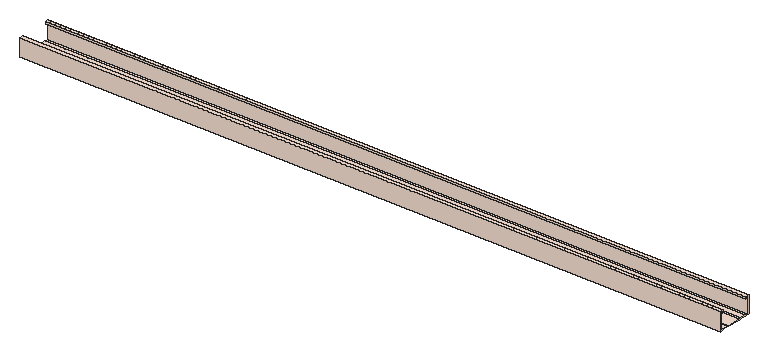
Revit family "25形Wバー(0.8)", category 機械設備, Revit 2020
Family settings
  丸型コネクタ寸法 = 直径を使用
  種別 = なし
  パーツ タイプ = 標準
  作業面ベース = いいえ
  常に垂直 = はい
  ロード時にボイドで切り取り = いいえ
  共有 = いいえ
  部屋計算ポイント = いいえ
Parameters
  製造元 = "株式会社桐井製作所"
  既定の高さ = 0 mm
  URL = "https://www.kirii.co.jp/"
  K_長さ(mm) [instance] = 1000 mm
  K_材質 = "SGCC一般用　SGC340~570高強度一般用"
  K_断面積A(mm2) = 86.4
  K_断面係数Zy(mm3) = 1434
  K_断面係数Zx(mm3) = 410
  K_断面2次半径iy(mm) = 20.4
  K_断面2次半径ix(mm) = 8.9
  K_断面2次モーメントIy(mm4) = 35870
  K_断面2次モーメントIx(mm4) = 6852
  K_外形寸法(mm) = "25×50×0.8"
  K_品名 = "25形Wバー(0.8)"
  K_名称 = "一般野縁"
  K_単位質量(kg/m) = 0.698
  K_ヤング係数E(N/mm2) = 205000
  K_バージョン情報 = "20210714"
  K_めっき付着量 = "Z12"
  K_JIS規格 = "JIS G 3302"
Reference planes
  plane 1 "中心(正面/背面)": y = 0
  plane 2: z = 0
  plane 3 "中心(左/右)": x = 0
  plane 4: x = 1000
  plane 5: z = 25
  plane 6: y = 25
  plane 7: y = -25
Forms (mm)
  Extrusion 1, solid
    sketch origin (0, 0, 0) x (0, -1, 0) y (0, 0, 1)
      loop
        line (-25, 0) -> (-20.2, 0) -> (-19.052, 0.5) -> (-11.148, 0.5) -> (-10, 0) -> (10, 0) -> (11.148, 0.5) -> (19.052, 0.5) -> (20.2, 0) -> (25, 0) -> (25, 25) -> (20, 25) -> (20, 22) -> (20.8, 22) -> (20.8, 24.2) -> (24.2, 24.2) -> (24.2, 0.8) -> (20.367, 0.8) -> (19.218, 1.3) -> (10.982, 1.3) -> (9.833, 0.8) -> (-9.833, 0.8) -> (-10.982, 1.3) -> (-19.218, 1.3) -> (-20.367, 0.8) -> (-24.2, 0.8) -> (-24.2, 24.2) -> (-20.8, 24.2) -> (-20.8, 22) -> (-20, 22) -> (-20, 25) -> (-25, 25) -> (-25, 0)
    from 0 to -1000
Dimensions and locks
  plane 5 to level = 25 mm
  "K_長さ(mm)": plane 3 "中心(左/右)" to plane 4
  aligned and locked: level to plane 2
  aligned and locked: plane 4 to Extrusion 1
Automatic sketch dimensions
  Extrusion 1 sketch curve to level = 0 mm  (x3)
  Extrusion 1 sketch curve to plane 6 = 0 mm
  Extrusion 1 sketch curve to plane 5 = 0 mm  (x2)
  Extrusion 1 sketch curve to plane 7 = 0 mm
  Extrusion 1 sketch curve to plane 6 = 0.8 mm
  Extrusion 1 sketch curve to plane 5 = 0.8 mm  (x2)
  Extrusion 1 sketch curve to Extrusion 1 sketch curve = 3.4 mm
  Extrusion 1 sketch curve to Extrusion 1 sketch curve = 0.8 mm  (x2)
  Extrusion 1 sketch curve to Extrusion 1 sketch curve = 4 mm
  level to Extrusion 1 sketch curve = 1.3 mm  (x2)
  Extrusion 1 sketch curve to Extrusion 1 sketch curve = 0.982 mm  (x2)
  level to Extrusion 1 sketch curve = 0.5 mm  (x2)
  Extrusion 1 sketch curve to Extrusion 1 sketch curve = 0.167 mm  (x8)
  Extrusion 1 sketch curve to Extrusion 1 sketch curve = 7.903 mm
  Extrusion 1 sketch curve to Extrusion 1 sketch curve = 1.148 mm  (x2)
  plane 1 "中心(正面/背面)" to Extrusion 1 sketch curve = 10 mm
  plane 7 to Extrusion 1 sketch curve = 5.948 mm
  Extrusion 1 sketch curve to Extrusion 1 sketch curve = 5 mm
  plane 7 to Extrusion 1 sketch curve = 0.8 mm
  level to Extrusion 1 sketch curve = 0.8 mm  (x3)
  Extrusion 1 sketch curve to plane 5 = 3 mm
  Extrusion 1 sketch curve to Extrusion 1 sketch curve = 2.2 mm
